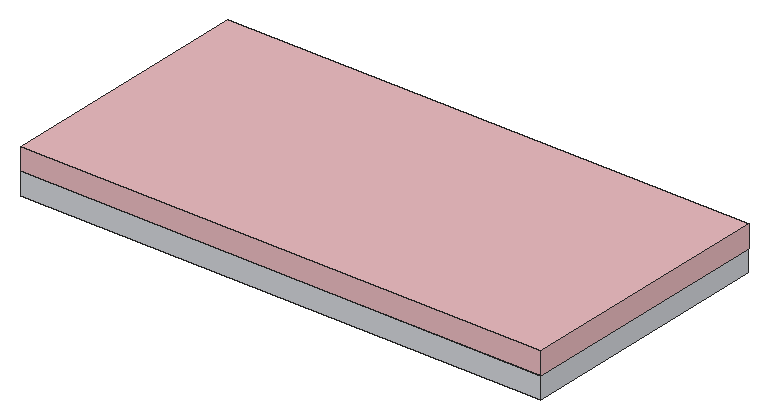
Revit family "Ceiling Tiles - Tegular and Square", category Specialty Equipment, Revit 2023
Family settings
  Round Connector Dimension = Use Diameter
  Part Type = Normal
  OmniClass Number = 23.35.00.00
  OmniClass Title = Covering, Cladding, and Finishes
  Work Plane-Based = Yes
  Enable Cutting in Views = Yes
  Always vertical = No
  Cut with Voids When Loaded = No
  Maintain Annotation Orientation = No
  Shared = No
  Room Calculation Point = No
Parameters (values of type "2" Square 2x4 Custom Painted With 2” CFAB Backer")
  ‍     1. Tegular = Edge Option = 1  # no
  ‍      3. Thickness 2" = Thickness Options = 3  # yes
  ‍      2. Thickness 1-3/8" = Thickness Options = 2  # no
  ‍      2. 2" CFAB Backer = Backer Options = 2  # yes
  ‍      1. Thickness 1" = Thickness Options = 1  # no
  ‍      1. 1" CFAB Backer = Backer Options = 1  # no
  ‍      0. Thickness 5/8" (only for Square edge) = Thickness Options = 0  # no
  ‍      0. SoundTex Backer = Backer Options = 0  # no
  URL = "https://www.acousticalsurfaces.com/envirocoustic-wood-wool/ceiling-tile-tegular/"
  Type Comments = "Acoustic Panels"
  Thickness Options = 3
  T = if(Thickness Options = 0, 0' 0 5/8", 0' 0") + if(Thickness Options = 1, 0' 1", 0' 0") + if(Thickness Options = 2, 0' 1 3/8", 0' 0") + if(Thickness Options = 3, 0' 2", 0' 0")  # 0' - 2"
  Recycled Content Percentage = "0%"
  Model = "Envirocoustic Wood Wool"
  Material = "Envirocoustic Wood Wool"
  Manufacturer = "Acoustical Surfaces, Inc."
  Fire Rating = "ASTM E84 - Class A"
  Finish = Paint - Acoustical-Surfaces - Custom Painted
  Edge Option = 2
  ‍     2. Square = Edge Option = 2  # yes
  Width = 1' - 11 3/4"
  Length = 3' - 11 3/4"
  Description = "Acoustic Panels"
  Default Elevation = 4' - 0"
  Backer Thickness = if(Backer Options = 0, 0' 0 1/16", 0' 0") + if(Backer Options = 1, 0' 1", 0' 0") + if(Backer Options = 2, 0' 2", 0' 0")  # 0' - 2"
  Backer Options = 2
  Backer = yes
  Assembly Code = "C30"
  Acoustics - NRC = "Sound absorption varies from NRC 0.45 to 0.95 based on installation method used when tested per ASTM C423."
  A = if(Backer, Backer Thickness, 0' 0")  # 0' - 2"
Types (168): name | ‍     1. Tegular | ‍      3. Thickness 2" | ‍      2. Thickness 1-3/8" | ‍      2. 2" CFAB Backer | ‍      1. Thickness 1" | ‍      1. 1" CFAB Backer | ‍      0. Thickness 5/8" (only for Square edge) | ‍      0. SoundTex Backer | Thickness Options | T | Finish | Edge Option | ‍     2. Square | Length | Backer Thickness | Backer Options | Backer | A
  2" Square 2x4 Custom Painted With 2” CFAB Backer | no | yes | no | yes | no | no | no | no | 3 | 0' - 2" | Paint - Acoustical-Surfaces - Custom Painted | 2 | yes | 3' - 11 3/4" | 0' - 2" | 2 | yes | 0' - 2"
  2" Square 2x2 Custom Painted With 2” CFAB Backer | no | yes | no | yes | no | no | no | no | 3 | 0' - 2" | Paint - Acoustical-Surfaces - Custom Painted | 2 | yes | 1' - 11 3/4" | 0' - 2" | 2 | yes | 0' - 2"
  2" Square 2x4 Custom Painted With 1” CFAB Backer | no | yes | no | no | no | yes | no | no | 3 | 0' - 2" | Paint - Acoustical-Surfaces - Custom Painted | 2 | yes | 3' - 11 3/4" | 0' - 1" | 1 | yes | 0' - 1"
  2" Square 2x2 Custom Painted With 1” CFAB Backer | no | yes | no | no | no | yes | no | no | 3 | 0' - 2" | Paint - Acoustical-Surfaces - Custom Painted | 2 | yes | 1' - 11 3/4" | 0' - 1" | 1 | yes | 0' - 1"
  2" Square 2x4 Custom Painted With Backer 1/16" | no | yes | no | no | no | no | no | yes | 3 | 0' - 2" | Paint - Acoustical-Surfaces - Custom Painted | 2 | yes | 3' - 11 3/4" | 0' - 0 1/16" | 0 | yes | 0' - 0 1/16"
  2" Square 2x2 Custom Painted With Backer 1/16" | no | yes | no | no | no | no | no | yes | 3 | 0' - 2" | Paint - Acoustical-Surfaces - Custom Painted | 2 | yes | 1' - 11 3/4" | 0' - 0 1/16" | 0 | yes | 0' - 0 1/16"
  2" Square 2x4 Custom Painted | no | yes | no | no | no | no | no | yes | 3 | 0' - 2" | Paint - Acoustical-Surfaces - Custom Painted | 2 | yes | 3' - 11 3/4" | 0' - 0 1/16" | 0 | no | 0' - 0"
  2" Square 2x2 Custom Painted | no | yes | no | no | no | no | no | yes | 3 | 0' - 2" | Paint - Acoustical-Surfaces - Custom Painted | 2 | yes | 1' - 11 3/4" | 0' - 0 1/16" | 0 | no | 0' - 0"
  2" Square 2x4 Primed White With 2” CFAB Backer | no | yes | no | yes | no | no | no | no | 3 | 0' - 2" | Paint - Acoustical-Surfaces - Primed White | 2 | yes | 3' - 11 3/4" | 0' - 2" | 2 | yes | 0' - 2"
  2" Square 2x2 Primed White With 2” CFAB Backer | no | yes | no | yes | no | no | no | no | 3 | 0' - 2" | Paint - Acoustical-Surfaces - Primed White | 2 | yes | 1' - 11 3/4" | 0' - 2" | 2 | yes | 0' - 2"
  2" Square 2x4 Primed White With 1” CFAB Backer | no | yes | no | no | no | yes | no | no | 3 | 0' - 2" | Paint - Acoustical-Surfaces - Primed White | 2 | yes | 3' - 11 3/4" | 0' - 1" | 1 | yes | 0' - 1"
  2" Square 2x2 Primed White With 1” CFAB Backer | no | yes | no | no | no | yes | no | no | 3 | 0' - 2" | Paint - Acoustical-Surfaces - Primed White | 2 | yes | 1' - 11 3/4" | 0' - 1" | 1 | yes | 0' - 1"
  2" Square 2x4 Primed White With Backer 1/16" | no | yes | no | no | no | no | no | yes | 3 | 0' - 2" | Paint - Acoustical-Surfaces - Primed White | 2 | yes | 3' - 11 3/4" | 0' - 0 1/16" | 0 | yes | 0' - 0 1/16"
  2" Square 2x2 Primed White With Backer 1/16" | no | yes | no | no | no | no | no | yes | 3 | 0' - 2" | Paint - Acoustical-Surfaces - Primed White | 2 | yes | 1' - 11 3/4" | 0' - 0 1/16" | 0 | yes | 0' - 0 1/16"
  2" Square 2x4 Primed White | no | yes | no | no | no | no | no | yes | 3 | 0' - 2" | Paint - Acoustical-Surfaces - Primed White | 2 | yes | 3' - 11 3/4" | 0' - 0 1/16" | 0 | no | 0' - 0"
  2" Square 2x2 Primed White | no | yes | no | no | no | no | no | yes | 3 | 0' - 2" | Paint - Acoustical-Surfaces - Primed White | 2 | yes | 1' - 11 3/4" | 0' - 0 1/16" | 0 | no | 0' - 0"
  2" Square 2x4 Primed Clear With 2” CFAB Backer | no | yes | no | yes | no | no | no | no | 3 | 0' - 2" | Paint - Acoustical-Surfaces - Primed Clear | 2 | yes | 3' - 11 3/4" | 0' - 2" | 2 | yes | 0' - 2"
  2" Square 2x2 Primed Clear With 2” CFAB Backer | no | yes | no | yes | no | no | no | no | 3 | 0' - 2" | Paint - Acoustical-Surfaces - Primed Clear | 2 | yes | 1' - 11 3/4" | 0' - 2" | 2 | yes | 0' - 2"
  2" Square 2x4 Primed Clear With 1” CFAB Backer | no | yes | no | no | no | yes | no | no | 3 | 0' - 2" | Paint - Acoustical-Surfaces - Primed Clear | 2 | yes | 3' - 11 3/4" | 0' - 1" | 1 | yes | 0' - 1"
  2" Square 2x2 Primed Clear With 1” CFAB Backer | no | yes | no | no | no | yes | no | no | 3 | 0' - 2" | Paint - Acoustical-Surfaces - Primed Clear | 2 | yes | 1' - 11 3/4" | 0' - 1" | 1 | yes | 0' - 1"
  2" Square 2x4 Primed Clear With Backer 1/16" | no | yes | no | no | no | no | no | yes | 3 | 0' - 2" | Paint - Acoustical-Surfaces - Primed Clear | 2 | yes | 3' - 11 3/4" | 0' - 0 1/16" | 0 | yes | 0' - 0 1/16"
  2" Square 2x2 Primed Clear With Backer 1/16" | no | yes | no | no | no | no | no | yes | 3 | 0' - 2" | Paint - Acoustical-Surfaces - Primed Clear | 2 | yes | 1' - 11 3/4" | 0' - 0 1/16" | 0 | yes | 0' - 0 1/16"
  2" Square 2x4 Primed Clear | no | yes | no | no | no | no | no | yes | 3 | 0' - 2" | Paint - Acoustical-Surfaces - Primed Clear | 2 | yes | 3' - 11 3/4" | 0' - 0 1/16" | 0 | no | 0' - 0"
  2" Square 2x2 Primed Clear | no | yes | no | no | no | no | no | yes | 3 | 0' - 2" | Paint - Acoustical-Surfaces - Primed Clear | 2 | yes | 1' - 11 3/4" | 0' - 0 1/16" | 0 | no | 0' - 0"
  1-3/8" Square 2x4 Custom Painted With 2” CFAB Backer | no | no | yes | yes | no | no | no | no | 2 | 0' - 1 3/8" | Paint - Acoustical-Surfaces - Custom Painted | 2 | yes | 3' - 11 3/4" | 0' - 2" | 2 | yes | 0' - 2"
  1-3/8" Square 2x2 Custom Painted With 2” CFAB Backer | no | no | yes | yes | no | no | no | no | 2 | 0' - 1 3/8" | Paint - Acoustical-Surfaces - Custom Painted | 2 | yes | 1' - 11 3/4" | 0' - 2" | 2 | yes | 0' - 2"
  1-3/8" Square 2x4 Custom Painted With 1” CFAB Backer | no | no | yes | no | no | yes | no | no | 2 | 0' - 1 3/8" | Paint - Acoustical-Surfaces - Custom Painted | 2 | yes | 3' - 11 3/4" | 0' - 1" | 1 | yes | 0' - 1"
  1-3/8" Square 2x2 Custom Painted With 1” CFAB Backer | no | no | yes | no | no | yes | no | no | 2 | 0' - 1 3/8" | Paint - Acoustical-Surfaces - Custom Painted | 2 | yes | 1' - 11 3/4" | 0' - 1" | 1 | yes | 0' - 1"
  1-3/8" Square 2x4 Custom Painted With Backer 1/16" | no | no | yes | no | no | no | no | yes | 2 | 0' - 1 3/8" | Paint - Acoustical-Surfaces - Custom Painted | 2 | yes | 3' - 11 3/4" | 0' - 0 1/16" | 0 | yes | 0' - 0 1/16"
  1-3/8" Square 2x2 Custom Painted With Backer 1/16" | no | no | yes | no | no | no | no | yes | 2 | 0' - 1 3/8" | Paint - Acoustical-Surfaces - Custom Painted | 2 | yes | 1' - 11 3/4" | 0' - 0 1/16" | 0 | yes | 0' - 0 1/16"
  1-3/8" Square 2x4 Custom Painted | no | no | yes | no | no | no | no | yes | 2 | 0' - 1 3/8" | Paint - Acoustical-Surfaces - Custom Painted | 2 | yes | 3' - 11 3/4" | 0' - 0 1/16" | 0 | no | 0' - 0"
  1-3/8" Square 2x2 Custom Painted | no | no | yes | no | no | no | no | yes | 2 | 0' - 1 3/8" | Paint - Acoustical-Surfaces - Custom Painted | 2 | yes | 1' - 11 3/4" | 0' - 0 1/16" | 0 | no | 0' - 0"
  1-3/8" Square 2x4 Primed White With 2” CFAB Backer | no | no | yes | yes | no | no | no | no | 2 | 0' - 1 3/8" | Paint - Acoustical-Surfaces - Primed White | 2 | yes | 3' - 11 3/4" | 0' - 2" | 2 | yes | 0' - 2"
  1-3/8" Square 2x2 Primed White With 2” CFAB Backer | no | no | yes | yes | no | no | no | no | 2 | 0' - 1 3/8" | Paint - Acoustical-Surfaces - Primed White | 2 | yes | 1' - 11 3/4" | 0' - 2" | 2 | yes | 0' - 2"
  1-3/8" Square 2x4 Primed White With 1” CFAB Backer | no | no | yes | no | no | yes | no | no | 2 | 0' - 1 3/8" | Paint - Acoustical-Surfaces - Primed White | 2 | yes | 3' - 11 3/4" | 0' - 1" | 1 | yes | 0' - 1"
  1-3/8" Square 2x2 Primed White With 1” CFAB Backer | no | no | yes | no | no | yes | no | no | 2 | 0' - 1 3/8" | Paint - Acoustical-Surfaces - Primed White | 2 | yes | 1' - 11 3/4" | 0' - 1" | 1 | yes | 0' - 1"
  1-3/8" Square 2x4 Primed White With Backer 1/16" | no | no | yes | no | no | no | no | yes | 2 | 0' - 1 3/8" | Paint - Acoustical-Surfaces - Primed White | 2 | yes | 3' - 11 3/4" | 0' - 0 1/16" | 0 | yes | 0' - 0 1/16"
  1-3/8" Square 2x2 Primed White With Backer 1/16" | no | no | yes | no | no | no | no | yes | 2 | 0' - 1 3/8" | Paint - Acoustical-Surfaces - Primed White | 2 | yes | 1' - 11 3/4" | 0' - 0 1/16" | 0 | yes | 0' - 0 1/16"
  1-3/8" Square 2x4 Primed White | no | no | yes | no | no | no | no | yes | 2 | 0' - 1 3/8" | Paint - Acoustical-Surfaces - Primed White | 2 | yes | 3' - 11 3/4" | 0' - 0 1/16" | 0 | no | 0' - 0"
  1-3/8" Square 2x2 Primed White | no | no | yes | no | no | no | no | yes | 2 | 0' - 1 3/8" | Paint - Acoustical-Surfaces - Primed White | 2 | yes | 1' - 11 3/4" | 0' - 0 1/16" | 0 | no | 0' - 0"
  1-3/8" Square 2x4 Primed Clear With 2” CFAB Backer | no | no | yes | yes | no | no | no | no | 2 | 0' - 1 3/8" | Paint - Acoustical-Surfaces - Primed Clear | 2 | yes | 3' - 11 3/4" | 0' - 2" | 2 | yes | 0' - 2"
  1-3/8" Square 2x2 Primed Clear With 2” CFAB Backer | no | no | yes | yes | no | no | no | no | 2 | 0' - 1 3/8" | Paint - Acoustical-Surfaces - Primed Clear | 2 | yes | 1' - 11 3/4" | 0' - 2" | 2 | yes | 0' - 2"
  1-3/8" Square 2x4 Primed Clear With 1” CFAB Backer | no | no | yes | no | no | yes | no | no | 2 | 0' - 1 3/8" | Paint - Acoustical-Surfaces - Primed Clear | 2 | yes | 3' - 11 3/4" | 0' - 1" | 1 | yes | 0' - 1"
  1-3/8" Square 2x2 Primed Clear With 1” CFAB Backer | no | no | yes | no | no | yes | no | no | 2 | 0' - 1 3/8" | Paint - Acoustical-Surfaces - Primed Clear | 2 | yes | 1' - 11 3/4" | 0' - 1" | 1 | yes | 0' - 1"
  1-3/8" Square 2x4 Primed Clear With Backer 1/16" | no | no | yes | no | no | no | no | yes | 2 | 0' - 1 3/8" | Paint - Acoustical-Surfaces - Primed Clear | 2 | yes | 3' - 11 3/4" | 0' - 0 1/16" | 0 | yes | 0' - 0 1/16"
  1-3/8" Square 2x2 Primed Clear With Backer 1/16" | no | no | yes | no | no | no | no | yes | 2 | 0' - 1 3/8" | Paint - Acoustical-Surfaces - Primed Clear | 2 | yes | 1' - 11 3/4" | 0' - 0 1/16" | 0 | yes | 0' - 0 1/16"
  1-3/8" Square 2x4 Primed Clear | no | no | yes | no | no | no | no | yes | 2 | 0' - 1 3/8" | Paint - Acoustical-Surfaces - Primed Clear | 2 | yes | 3' - 11 3/4" | 0' - 0 1/16" | 0 | no | 0' - 0"
  1-3/8" Square 2x2 Primed Clear | no | no | yes | no | no | no | no | yes | 2 | 0' - 1 3/8" | Paint - Acoustical-Surfaces - Primed Clear | 2 | yes | 1' - 11 3/4" | 0' - 0 1/16" | 0 | no | 0' - 0"
  1" Square 2x4 Custom Painted With 2” CFAB Backer | no | no | no | yes | yes | no | no | no | 1 | 0' - 1" | Paint - Acoustical-Surfaces - Custom Painted | 2 | yes | 3' - 11 3/4" | 0' - 2" | 2 | yes | 0' - 2"
  1" Square 2x2 Custom Painted With 2” CFAB Backer | no | no | no | yes | yes | no | no | no | 1 | 0' - 1" | Paint - Acoustical-Surfaces - Custom Painted | 2 | yes | 1' - 11 3/4" | 0' - 2" | 2 | yes | 0' - 2"
  1" Square 2x4 Custom Painted With 1” CFAB Backer | no | no | no | no | yes | yes | no | no | 1 | 0' - 1" | Paint - Acoustical-Surfaces - Custom Painted | 2 | yes | 3' - 11 3/4" | 0' - 1" | 1 | yes | 0' - 1"
  1" Square 2x2 Custom Painted With 1” CFAB Backer | no | no | no | no | yes | yes | no | no | 1 | 0' - 1" | Paint - Acoustical-Surfaces - Custom Painted | 2 | yes | 1' - 11 3/4" | 0' - 1" | 1 | yes | 0' - 1"
  1" Square 2x4 Custom Painted With Backer 1/16" | no | no | no | no | yes | no | no | yes | 1 | 0' - 1" | Paint - Acoustical-Surfaces - Custom Painted | 2 | yes | 3' - 11 3/4" | 0' - 0 1/16" | 0 | yes | 0' - 0 1/16"
  1" Square 2x2 Custom Painted With Backer 1/16" | no | no | no | no | yes | no | no | yes | 1 | 0' - 1" | Paint - Acoustical-Surfaces - Custom Painted | 2 | yes | 1' - 11 3/4" | 0' - 0 1/16" | 0 | yes | 0' - 0 1/16"
  1" Square 2x4 Custom Painted | no | no | no | no | yes | no | no | yes | 1 | 0' - 1" | Paint - Acoustical-Surfaces - Custom Painted | 2 | yes | 3' - 11 3/4" | 0' - 0 1/16" | 0 | no | 0' - 0"
  1" Square 2x2 Custom Painted | no | no | no | no | yes | no | no | yes | 1 | 0' - 1" | Paint - Acoustical-Surfaces - Custom Painted | 2 | yes | 1' - 11 3/4" | 0' - 0 1/16" | 0 | no | 0' - 0"
  1" Square 2x4 Primed White With 2” CFAB Backer | no | no | no | yes | yes | no | no | no | 1 | 0' - 1" | Paint - Acoustical-Surfaces - Primed White | 2 | yes | 3' - 11 3/4" | 0' - 2" | 2 | yes | 0' - 2"
  1" Square 2x2 Primed White With 2” CFAB Backer | no | no | no | yes | yes | no | no | no | 1 | 0' - 1" | Paint - Acoustical-Surfaces - Primed White | 2 | yes | 1' - 11 3/4" | 0' - 2" | 2 | yes | 0' - 2"
  1" Square 2x4 Primed White With 1” CFAB Backer | no | no | no | no | yes | yes | no | no | 1 | 0' - 1" | Paint - Acoustical-Surfaces - Primed White | 2 | yes | 3' - 11 3/4" | 0' - 1" | 1 | yes | 0' - 1"
  1" Square 2x2 Primed White With 1” CFAB Backer | no | no | no | no | yes | yes | no | no | 1 | 0' - 1" | Paint - Acoustical-Surfaces - Primed White | 2 | yes | 1' - 11 3/4" | 0' - 1" | 1 | yes | 0' - 1"
  1" Square 2x4 Primed White With Backer 1/16" | no | no | no | no | yes | no | no | yes | 1 | 0' - 1" | Paint - Acoustical-Surfaces - Primed White | 2 | yes | 3' - 11 3/4" | 0' - 0 1/16" | 0 | yes | 0' - 0 1/16"
  1" Square 2x2 Primed White With Backer 1/16" | no | no | no | no | yes | no | no | yes | 1 | 0' - 1" | Paint - Acoustical-Surfaces - Primed White | 2 | yes | 1' - 11 3/4" | 0' - 0 1/16" | 0 | yes | 0' - 0 1/16"
  1" Square 2x4 Primed White | no | no | no | no | yes | no | no | yes | 1 | 0' - 1" | Paint - Acoustical-Surfaces - Primed White | 2 | yes | 3' - 11 3/4" | 0' - 0 1/16" | 0 | no | 0' - 0"
  1" Square 2x2 Primed White | no | no | no | no | yes | no | no | yes | 1 | 0' - 1" | Paint - Acoustical-Surfaces - Primed White | 2 | yes | 1' - 11 3/4" | 0' - 0 1/16" | 0 | no | 0' - 0"
  1" Square 2x4 Primed Clear With 2” CFAB Backer | no | no | no | yes | yes | no | no | no | 1 | 0' - 1" | Paint - Acoustical-Surfaces - Primed Clear | 2 | yes | 3' - 11 3/4" | 0' - 2" | 2 | yes | 0' - 2"
  1" Square 2x2 Primed Clear With 2” CFAB Backer | no | no | no | yes | yes | no | no | no | 1 | 0' - 1" | Paint - Acoustical-Surfaces - Primed Clear | 2 | yes | 1' - 11 3/4" | 0' - 2" | 2 | yes | 0' - 2"
  1" Square 2x4 Primed Clear With 1” CFAB Backer | no | no | no | no | yes | yes | no | no | 1 | 0' - 1" | Paint - Acoustical-Surfaces - Primed Clear | 2 | yes | 3' - 11 3/4" | 0' - 1" | 1 | yes | 0' - 1"
  1" Square 2x2 Primed Clear With 1” CFAB Backer | no | no | no | no | yes | yes | no | no | 1 | 0' - 1" | Paint - Acoustical-Surfaces - Primed Clear | 2 | yes | 1' - 11 3/4" | 0' - 1" | 1 | yes | 0' - 1"
  1" Square 2x4 Primed Clear With Backer 1/16" | no | no | no | no | yes | no | no | yes | 1 | 0' - 1" | Paint - Acoustical-Surfaces - Primed Clear | 2 | yes | 3' - 11 3/4" | 0' - 0 1/16" | 0 | yes | 0' - 0 1/16"
  1" Square 2x2 Primed Clear With Backer 1/16" | no | no | no | no | yes | no | no | yes | 1 | 0' - 1" | Paint - Acoustical-Surfaces - Primed Clear | 2 | yes | 1' - 11 3/4" | 0' - 0 1/16" | 0 | yes | 0' - 0 1/16"
  1" Square 2x4 Primed Clear | no | no | no | no | yes | no | no | yes | 1 | 0' - 1" | Paint - Acoustical-Surfaces - Primed Clear | 2 | yes | 3' - 11 3/4" | 0' - 0 1/16" | 0 | no | 0' - 0"
  1" Square 2x2 Primed Clear | no | no | no | no | yes | no | no | yes | 1 | 0' - 1" | Paint - Acoustical-Surfaces - Primed Clear | 2 | yes | 1' - 11 3/4" | 0' - 0 1/16" | 0 | no | 0' - 0"
  2" Tegular 2x4 Custom Painted With 2” CFAB Backer | yes | yes | no | yes | no | no | no | no | 3 | 0' - 2" | Paint - Acoustical-Surfaces - Custom Painted | 1 | no | 3' - 11 3/4" | 0' - 2" | 2 | yes | 0' - 2"
  2" Tegular 2x2 Custom Painted With 2” CFAB Backer | yes | yes | no | yes | no | no | no | no | 3 | 0' - 2" | Paint - Acoustical-Surfaces - Custom Painted | 1 | no | 1' - 11 3/4" | 0' - 2" | 2 | yes | 0' - 2"
  2" Tegular 2x4 Custom Painted With 1” CFAB Backer | yes | yes | no | no | no | yes | no | no | 3 | 0' - 2" | Paint - Acoustical-Surfaces - Custom Painted | 1 | no | 3' - 11 3/4" | 0' - 1" | 1 | yes | 0' - 1"
  2" Tegular 2x2 Custom Painted With 1” CFAB Backer | yes | yes | no | no | no | yes | no | no | 3 | 0' - 2" | Paint - Acoustical-Surfaces - Custom Painted | 1 | no | 1' - 11 3/4" | 0' - 1" | 1 | yes | 0' - 1"
  2" Tegular 2x4 Custom Painted With Backer 1/16" | yes | yes | no | no | no | no | no | yes | 3 | 0' - 2" | Paint - Acoustical-Surfaces - Custom Painted | 1 | no | 3' - 11 3/4" | 0' - 0 1/16" | 0 | yes | 0' - 0 1/16"
  2" Tegular 2x2 Custom Painted With Backer 1/16" | yes | yes | no | no | no | no | no | yes | 3 | 0' - 2" | Paint - Acoustical-Surfaces - Custom Painted | 1 | no | 1' - 11 3/4" | 0' - 0 1/16" | 0 | yes | 0' - 0 1/16"
  2" Tegular 2x4 Custom Painted | yes | yes | no | no | no | no | no | yes | 3 | 0' - 2" | Paint - Acoustical-Surfaces - Custom Painted | 1 | no | 3' - 11 3/4" | 0' - 0 1/16" | 0 | no | 0' - 0"
  2" Tegular 2x2 Custom Painted | yes | yes | no | no | no | no | no | yes | 3 | 0' - 2" | Paint - Acoustical-Surfaces - Custom Painted | 1 | no | 1' - 11 3/4" | 0' - 0 1/16" | 0 | no | 0' - 0"
  2" Tegular 2x4 Primed White With 2” CFAB Backer | yes | yes | no | yes | no | no | no | no | 3 | 0' - 2" | Paint - Acoustical-Surfaces - Primed White | 1 | no | 3' - 11 3/4" | 0' - 2" | 2 | yes | 0' - 2"
  2" Tegular 2x2 Primed White With 2” CFAB Backer | yes | yes | no | yes | no | no | no | no | 3 | 0' - 2" | Paint - Acoustical-Surfaces - Primed White | 1 | no | 1' - 11 3/4" | 0' - 2" | 2 | yes | 0' - 2"
  2" Tegular 2x4 Primed White With 1” CFAB Backer | yes | yes | no | no | no | yes | no | no | 3 | 0' - 2" | Paint - Acoustical-Surfaces - Primed White | 1 | no | 3' - 11 3/4" | 0' - 1" | 1 | yes | 0' - 1"
  2" Tegular 2x2 Primed White With 1” CFAB Backer | yes | yes | no | no | no | yes | no | no | 3 | 0' - 2" | Paint - Acoustical-Surfaces - Primed White | 1 | no | 1' - 11 3/4" | 0' - 1" | 1 | yes | 0' - 1"
  2" Tegular 2x4 Primed White With Backer 1/16" | yes | yes | no | no | no | no | no | yes | 3 | 0' - 2" | Paint - Acoustical-Surfaces - Primed White | 1 | no | 3' - 11 3/4" | 0' - 0 1/16" | 0 | yes | 0' - 0 1/16"
  2" Tegular 2x2 Primed White With Backer 1/16" | yes | yes | no | no | no | no | no | yes | 3 | 0' - 2" | Paint - Acoustical-Surfaces - Primed White | 1 | no | 1' - 11 3/4" | 0' - 0 1/16" | 0 | yes | 0' - 0 1/16"
  2" Tegular 2x4 Primed White | yes | yes | no | no | no | no | no | yes | 3 | 0' - 2" | Paint - Acoustical-Surfaces - Primed White | 1 | no | 3' - 11 3/4" | 0' - 0 1/16" | 0 | no | 0' - 0"
  2" Tegular 2x2 Primed White | yes | yes | no | no | no | no | no | yes | 3 | 0' - 2" | Paint - Acoustical-Surfaces - Primed White | 1 | no | 1' - 11 3/4" | 0' - 0 1/16" | 0 | no | 0' - 0"
  2" Tegular 2x4 Primed Clear With 2” CFAB Backer | yes | yes | no | yes | no | no | no | no | 3 | 0' - 2" | Paint - Acoustical-Surfaces - Primed Clear | 1 | no | 3' - 11 3/4" | 0' - 2" | 2 | yes | 0' - 2"
  2" Tegular 2x2 Primed Clear With 2” CFAB Backer | yes | yes | no | yes | no | no | no | no | 3 | 0' - 2" | Paint - Acoustical-Surfaces - Primed Clear | 1 | no | 1' - 11 3/4" | 0' - 2" | 2 | yes | 0' - 2"
  2" Tegular 2x4 Primed Clear With 1” CFAB Backer | yes | yes | no | no | no | yes | no | no | 3 | 0' - 2" | Paint - Acoustical-Surfaces - Primed Clear | 1 | no | 3' - 11 3/4" | 0' - 1" | 1 | yes | 0' - 1"
  2" Tegular 2x2 Primed Clear With 1” CFAB Backer | yes | yes | no | no | no | yes | no | no | 3 | 0' - 2" | Paint - Acoustical-Surfaces - Primed Clear | 1 | no | 1' - 11 3/4" | 0' - 1" | 1 | yes | 0' - 1"
  2" Tegular 2x4 Primed Clear With Backer 1/16" | yes | yes | no | no | no | no | no | yes | 3 | 0' - 2" | Paint - Acoustical-Surfaces - Primed Clear | 1 | no | 3' - 11 3/4" | 0' - 0 1/16" | 0 | yes | 0' - 0 1/16"
  2" Tegular 2x2 Primed Clear With Backer 1/16" | yes | yes | no | no | no | no | no | yes | 3 | 0' - 2" | Paint - Acoustical-Surfaces - Primed Clear | 1 | no | 1' - 11 3/4" | 0' - 0 1/16" | 0 | yes | 0' - 0 1/16"
  2" Tegular 2x4 Primed Clear | yes | yes | no | no | no | no | no | yes | 3 | 0' - 2" | Paint - Acoustical-Surfaces - Primed Clear | 1 | no | 3' - 11 3/4" | 0' - 0 1/16" | 0 | no | 0' - 0"
  2" Tegular 2x2 Primed Clear | yes | yes | no | no | no | no | no | yes | 3 | 0' - 2" | Paint - Acoustical-Surfaces - Primed Clear | 1 | no | 1' - 11 3/4" | 0' - 0 1/16" | 0 | no | 0' - 0"
  1-3/8" Tegular 2x4 Custom Painted With 2” CFAB Backer | yes | no | yes | yes | no | no | no | no | 2 | 0' - 1 3/8" | Paint - Acoustical-Surfaces - Custom Painted | 1 | no | 3' - 11 3/4" | 0' - 2" | 2 | yes | 0' - 2"
  1-3/8" Tegular 2x2 Custom Painted With 2” CFAB Backer | yes | no | yes | yes | no | no | no | no | 2 | 0' - 1 3/8" | Paint - Acoustical-Surfaces - Custom Painted | 1 | no | 1' - 11 3/4" | 0' - 2" | 2 | yes | 0' - 2"
  1-3/8" Tegular 2x4 Custom Painted With 1” CFAB Backer | yes | no | yes | no | no | yes | no | no | 2 | 0' - 1 3/8" | Paint - Acoustical-Surfaces - Custom Painted | 1 | no | 3' - 11 3/4" | 0' - 1" | 1 | yes | 0' - 1"
  1-3/8" Tegular 2x2 Custom Painted With 1” CFAB Backer | yes | no | yes | no | no | yes | no | no | 2 | 0' - 1 3/8" | Paint - Acoustical-Surfaces - Custom Painted | 1 | no | 1' - 11 3/4" | 0' - 1" | 1 | yes | 0' - 1"
  1-3/8" Tegular 2x4 Custom Painted With Backer 1/16" | yes | no | yes | no | no | no | no | yes | 2 | 0' - 1 3/8" | Paint - Acoustical-Surfaces - Custom Painted | 1 | no | 3' - 11 3/4" | 0' - 0 1/16" | 0 | yes | 0' - 0 1/16"
  1-3/8" Tegular 2x2 Custom Painted With Backer 1/16" | yes | no | yes | no | no | no | no | yes | 2 | 0' - 1 3/8" | Paint - Acoustical-Surfaces - Custom Painted | 1 | no | 1' - 11 3/4" | 0' - 0 1/16" | 0 | yes | 0' - 0 1/16"
  1-3/8" Tegular 2x4 Custom Painted | yes | no | yes | no | no | no | no | yes | 2 | 0' - 1 3/8" | Paint - Acoustical-Surfaces - Custom Painted | 1 | no | 3' - 11 3/4" | 0' - 0 1/16" | 0 | no | 0' - 0"
  1-3/8" Tegular 2x2 Custom Painted | yes | no | yes | no | no | no | no | yes | 2 | 0' - 1 3/8" | Paint - Acoustical-Surfaces - Custom Painted | 1 | no | 1' - 11 3/4" | 0' - 0 1/16" | 0 | no | 0' - 0"
  1-3/8" Tegular 2x4 Primed White With 2” CFAB Backer | yes | no | yes | yes | no | no | no | no | 2 | 0' - 1 3/8" | Paint - Acoustical-Surfaces - Primed White | 1 | no | 3' - 11 3/4" | 0' - 2" | 2 | yes | 0' - 2"
  1-3/8" Tegular 2x2 Primed White With 2” CFAB Backer | yes | no | yes | yes | no | no | no | no | 2 | 0' - 1 3/8" | Paint - Acoustical-Surfaces - Primed White | 1 | no | 1' - 11 3/4" | 0' - 2" | 2 | yes | 0' - 2"
  1-3/8" Tegular 2x4 Primed White With 1” CFAB Backer | yes | no | yes | no | no | yes | no | no | 2 | 0' - 1 3/8" | Paint - Acoustical-Surfaces - Primed White | 1 | no | 3' - 11 3/4" | 0' - 1" | 1 | yes | 0' - 1"
  1-3/8" Tegular 2x2 Primed White With 1” CFAB Backer | yes | no | yes | no | no | yes | no | no | 2 | 0' - 1 3/8" | Paint - Acoustical-Surfaces - Primed White | 1 | no | 1' - 11 3/4" | 0' - 1" | 1 | yes | 0' - 1"
  1-3/8" Tegular 2x4 Primed White With Backer 1/16" | yes | no | yes | no | no | no | no | yes | 2 | 0' - 1 3/8" | Paint - Acoustical-Surfaces - Primed White | 1 | no | 3' - 11 3/4" | 0' - 0 1/16" | 0 | yes | 0' - 0 1/16"
  1-3/8" Tegular 2x2 Primed White With Backer 1/16" | yes | no | yes | no | no | no | no | yes | 2 | 0' - 1 3/8" | Paint - Acoustical-Surfaces - Primed White | 1 | no | 1' - 11 3/4" | 0' - 0 1/16" | 0 | yes | 0' - 0 1/16"
  1-3/8" Tegular 2x4 Primed White | yes | no | yes | no | no | no | no | yes | 2 | 0' - 1 3/8" | Paint - Acoustical-Surfaces - Primed White | 1 | no | 3' - 11 3/4" | 0' - 0 1/16" | 0 | no | 0' - 0"
  1-3/8" Tegular 2x2 Primed White | yes | no | yes | no | no | no | no | yes | 2 | 0' - 1 3/8" | Paint - Acoustical-Surfaces - Primed White | 1 | no | 1' - 11 3/4" | 0' - 0 1/16" | 0 | no | 0' - 0"
  1-3/8" Tegular 2x4 Primed Clear With 2” CFAB Backer | yes | no | yes | yes | no | no | no | no | 2 | 0' - 1 3/8" | Paint - Acoustical-Surfaces - Primed Clear | 1 | no | 3' - 11 3/4" | 0' - 2" | 2 | yes | 0' - 2"
  1-3/8" Tegular 2x2 Primed Clear With 2” CFAB Backer | yes | no | yes | yes | no | no | no | no | 2 | 0' - 1 3/8" | Paint - Acoustical-Surfaces - Primed Clear | 1 | no | 1' - 11 3/4" | 0' - 2" | 2 | yes | 0' - 2"
  1-3/8" Tegular 2x4 Primed Clear With 1” CFAB Backer | yes | no | yes | no | no | yes | no | no | 2 | 0' - 1 3/8" | Paint - Acoustical-Surfaces - Primed Clear | 1 | no | 3' - 11 3/4" | 0' - 1" | 1 | yes | 0' - 1"
  1-3/8" Tegular 2x2 Primed Clear With 1” CFAB Backer | yes | no | yes | no | no | yes | no | no | 2 | 0' - 1 3/8" | Paint - Acoustical-Surfaces - Primed Clear | 1 | no | 1' - 11 3/4" | 0' - 1" | 1 | yes | 0' - 1"
  1-3/8" Tegular 2x4 Primed Clear With Backer 1/16" | yes | no | yes | no | no | no | no | yes | 2 | 0' - 1 3/8" | Paint - Acoustical-Surfaces - Primed Clear | 1 | no | 3' - 11 3/4" | 0' - 0 1/16" | 0 | yes | 0' - 0 1/16"
  1-3/8" Tegular 2x2 Primed Clear With Backer 1/16" | yes | no | yes | no | no | no | no | yes | 2 | 0' - 1 3/8" | Paint - Acoustical-Surfaces - Primed Clear | 1 | no | 1' - 11 3/4" | 0' - 0 1/16" | 0 | yes | 0' - 0 1/16"
  1-3/8" Tegular 2x4 Primed Clear | yes | no | yes | no | no | no | no | yes | 2 | 0' - 1 3/8" | Paint - Acoustical-Surfaces - Primed Clear | 1 | no | 3' - 11 3/4" | 0' - 0 1/16" | 0 | no | 0' - 0"
  1-3/8" Tegular 2x2 Primed Clear | yes | no | yes | no | no | no | no | yes | 2 | 0' - 1 3/8" | Paint - Acoustical-Surfaces - Primed Clear | 1 | no | 1' - 11 3/4" | 0' - 0 1/16" | 0 | no | 0' - 0"
  5/8" Square 2x4 Custom Painted With 2” CFAB Backer | no | no | no | yes | no | no | yes | no | 0 | 0' - 0 5/8" | Paint - Acoustical-Surfaces - Custom Painted | 2 | yes | 3' - 11 3/4" | 0' - 2" | 2 | yes | 0' - 2"
  5/8" Square 2x4 Primed White With 2” CFAB Backer | no | no | no | yes | no | no | yes | no | 0 | 0' - 0 5/8" | Paint - Acoustical-Surfaces - Primed White | 2 | yes | 3' - 11 3/4" | 0' - 2" | 2 | yes | 0' - 2"
  5/8" Square 2x4 Primed Clear With 2” CFAB Backer | no | no | no | yes | no | no | yes | no | 0 | 0' - 0 5/8" | Paint - Acoustical-Surfaces - Primed Clear | 2 | yes | 3' - 11 3/4" | 0' - 2" | 2 | yes | 0' - 2"
  1" Tegular 2x4 Custom Painted With 2” CFAB Backer | yes | no | no | yes | yes | no | no | no | 1 | 0' - 1" | Paint - Acoustical-Surfaces - Custom Painted | 1 | no | 3' - 11 3/4" | 0' - 2" | 2 | yes | 0' - 2"
  1" Tegular 2x4 Primed White With 2” CFAB Backer | yes | no | no | yes | yes | no | no | no | 1 | 0' - 1" | Paint - Acoustical-Surfaces - Primed White | 1 | no | 3' - 11 3/4" | 0' - 2" | 2 | yes | 0' - 2"
  1" Tegular 2x4 Primed Clear With 2” CFAB Backer | yes | no | no | yes | yes | no | no | no | 1 | 0' - 1" | Paint - Acoustical-Surfaces - Primed Clear | 1 | no | 3' - 11 3/4" | 0' - 2" | 2 | yes | 0' - 2"
  5/8" Square 2x2 Custom Painted With 2” CFAB Backer | no | no | no | yes | no | no | yes | no | 0 | 0' - 0 5/8" | Paint - Acoustical-Surfaces - Custom Painted | 2 | yes | 1' - 11 3/4" | 0' - 2" | 2 | yes | 0' - 2"
  5/8" Square 2x2 Primed White With 2” CFAB Backer | no | no | no | yes | no | no | yes | no | 0 | 0' - 0 5/8" | Paint - Acoustical-Surfaces - Primed White | 2 | yes | 1' - 11 3/4" | 0' - 2" | 2 | yes | 0' - 2"
  5/8" Square 2x2 Primed Clear With 2” CFAB Backer | no | no | no | yes | no | no | yes | no | 0 | 0' - 0 5/8" | Paint - Acoustical-Surfaces - Primed Clear | 2 | yes | 1' - 11 3/4" | 0' - 2" | 2 | yes | 0' - 2"
  1" Tegular 2x2 Custom Painted With 2” CFAB Backer | yes | no | no | yes | yes | no | no | no | 1 | 0' - 1" | Paint - Acoustical-Surfaces - Custom Painted | 1 | no | 1' - 11 3/4" | 0' - 2" | 2 | yes | 0' - 2"
  1" Tegular 2x2 Primed White With 2” CFAB Backer | yes | no | no | yes | yes | no | no | no | 1 | 0' - 1" | Paint - Acoustical-Surfaces - Primed White | 1 | no | 1' - 11 3/4" | 0' - 2" | 2 | yes | 0' - 2"
  1" Tegular 2x2 Primed Clear With 2” CFAB Backer | yes | no | no | yes | yes | no | no | no | 1 | 0' - 1" | Paint - Acoustical-Surfaces - Primed Clear | 1 | no | 1' - 11 3/4" | 0' - 2" | 2 | yes | 0' - 2"
  5/8" Square 2x4 Custom Painted With 1” CFAB Backer | no | no | no | no | no | yes | yes | no | 0 | 0' - 0 5/8" | Paint - Acoustical-Surfaces - Custom Painted | 2 | yes | 3' - 11 3/4" | 0' - 1" | 1 | yes | 0' - 1"
  5/8" Square 2x4 Primed White With 1” CFAB Backer | no | no | no | no | no | yes | yes | no | 0 | 0' - 0 5/8" | Paint - Acoustical-Surfaces - Primed White | 2 | yes | 3' - 11 3/4" | 0' - 1" | 1 | yes | 0' - 1"
  5/8" Square 2x4 Primed Clear With 1” CFAB Backer | no | no | no | no | no | yes | yes | no | 0 | 0' - 0 5/8" | Paint - Acoustical-Surfaces - Primed Clear | 2 | yes | 3' - 11 3/4" | 0' - 1" | 1 | yes | 0' - 1"
  1" Tegular 2x4 Custom Painted With 1” CFAB Backer | yes | no | no | no | yes | yes | no | no | 1 | 0' - 1" | Paint - Acoustical-Surfaces - Custom Painted | 1 | no | 3' - 11 3/4" | 0' - 1" | 1 | yes | 0' - 1"
  1" Tegular 2x4 Primed White With 1” CFAB Backer | yes | no | no | no | yes | yes | no | no | 1 | 0' - 1" | Paint - Acoustical-Surfaces - Primed White | 1 | no | 3' - 11 3/4" | 0' - 1" | 1 | yes | 0' - 1"
  1" Tegular 2x4 Primed Clear With 1” CFAB Backer | yes | no | no | no | yes | yes | no | no | 1 | 0' - 1" | Paint - Acoustical-Surfaces - Primed Clear | 1 | no | 3' - 11 3/4" | 0' - 1" | 1 | yes | 0' - 1"
  5/8" Square 2x2 Custom Painted With 1” CFAB Backer | no | no | no | no | no | yes | yes | no | 0 | 0' - 0 5/8" | Paint - Acoustical-Surfaces - Custom Painted | 2 | yes | 1' - 11 3/4" | 0' - 1" | 1 | yes | 0' - 1"
  5/8" Square 2x2 Primed White With 1” CFAB Backer | no | no | no | no | no | yes | yes | no | 0 | 0' - 0 5/8" | Paint - Acoustical-Surfaces - Primed White | 2 | yes | 1' - 11 3/4" | 0' - 1" | 1 | yes | 0' - 1"
  5/8" Square 2x2 Primed Clear With 1” CFAB Backer | no | no | no | no | no | yes | yes | no | 0 | 0' - 0 5/8" | Paint - Acoustical-Surfaces - Primed Clear | 2 | yes | 1' - 11 3/4" | 0' - 1" | 1 | yes | 0' - 1"
  1" Tegular 2x2 Custom Painted With 1” CFAB Backer | yes | no | no | no | yes | yes | no | no | 1 | 0' - 1" | Paint - Acoustical-Surfaces - Custom Painted | 1 | no | 1' - 11 3/4" | 0' - 1" | 1 | yes | 0' - 1"
  1" Tegular 2x2 Primed White With 1” CFAB Backer | yes | no | no | no | yes | yes | no | no | 1 | 0' - 1" | Paint - Acoustical-Surfaces - Primed White | 1 | no | 1' - 11 3/4" | 0' - 1" | 1 | yes | 0' - 1"
  1" Tegular 2x2 Primed Clear With 1” CFAB Backer | yes | no | no | no | yes | yes | no | no | 1 | 0' - 1" | Paint - Acoustical-Surfaces - Primed Clear | 1 | no | 1' - 11 3/4" | 0' - 1" | 1 | yes | 0' - 1"
  5/8" Square 2x4 Custom Painted | no | no | no | no | no | no | yes | yes | 0 | 0' - 0 5/8" | Paint - Acoustical-Surfaces - Custom Painted | 2 | yes | 3' - 11 3/4" | 0' - 0 1/16" | 0 | no | 0' - 0"
  5/8" Square 2x2 Custom Painted | no | no | no | no | no | no | yes | yes | 0 | 0' - 0 5/8" | Paint - Acoustical-Surfaces - Custom Painted | 2 | yes | 1' - 11 3/4" | 0' - 0 1/16" | 0 | no | 0' - 0"
  5/8" Square 2x4 Primed White | no | no | no | no | no | no | yes | yes | 0 | 0' - 0 5/8" | Paint - Acoustical-Surfaces - Primed White | 2 | yes | 3' - 11 3/4" | 0' - 0 1/16" | 0 | no | 0' - 0"
  5/8" Square 2x2 Primed White | no | no | no | no | no | no | yes | yes | 0 | 0' - 0 5/8" | Paint - Acoustical-Surfaces - Primed White | 2 | yes | 1' - 11 3/4" | 0' - 0 1/16" | 0 | no | 0' - 0"
  5/8" Square 2x4 Primed Clear | no | no | no | no | no | no | yes | yes | 0 | 0' - 0 5/8" | Paint - Acoustical-Surfaces - Primed Clear | 2 | yes | 3' - 11 3/4" | 0' - 0 1/16" | 0 | no | 0' - 0"
  5/8" Square 2x2 Primed Clear | no | no | no | no | no | no | yes | yes | 0 | 0' - 0 5/8" | Paint - Acoustical-Surfaces - Primed Clear | 2 | yes | 1' - 11 3/4" | 0' - 0 1/16" | 0 | no | 0' - 0"
  5/8" Square 2x4 Custom Painted With Backer 1/16" | no | no | no | no | no | no | yes | yes | 0 | 0' - 0 5/8" | Paint - Acoustical-Surfaces - Custom Painted | 2 | yes | 3' - 11 3/4" | 0' - 0 1/16" | 0 | yes | 0' - 0 1/16"
  5/8" Square 2x2 Custom Painted With Backer 1/16" | no | no | no | no | no | no | yes | yes | 0 | 0' - 0 5/8" | Paint - Acoustical-Surfaces - Custom Painted | 2 | yes | 1' - 11 3/4" | 0' - 0 1/16" | 0 | yes | 0' - 0 1/16"
  5/8" Square 2x4 Primed White With Backer 1/16" | no | no | no | no | no | no | yes | yes | 0 | 0' - 0 5/8" | Paint - Acoustical-Surfaces - Primed White | 2 | yes | 3' - 11 3/4" | 0' - 0 1/16" | 0 | yes | 0' - 0 1/16"
  5/8" Square 2x2 Primed White With Backer 1/16" | no | no | no | no | no | no | yes | yes | 0 | 0' - 0 5/8" | Paint - Acoustical-Surfaces - Primed White | 2 | yes | 1' - 11 3/4" | 0' - 0 1/16" | 0 | yes | 0' - 0 1/16"
  5/8" Square 2x4 Primed Clear With Backer 1/16" | no | no | no | no | no | no | yes | yes | 0 | 0' - 0 5/8" | Paint - Acoustical-Surfaces - Primed Clear | 2 | yes | 3' - 11 3/4" | 0' - 0 1/16" | 0 | yes | 0' - 0 1/16"
  5/8" Square 2x2 Primed Clear With Backer 1/16" | no | no | no | no | no | no | yes | yes | 0 | 0' - 0 5/8" | Paint - Acoustical-Surfaces - Primed Clear | 2 | yes | 1' - 11 3/4" | 0' - 0 1/16" | 0 | yes | 0' - 0 1/16"
  1" Tegular 2x4 Custom Painted | yes | no | no | no | yes | no | no | yes | 1 | 0' - 1" | Paint - Acoustical-Surfaces - Custom Painted | 1 | no | 3' - 11 3/4" | 0' - 0 1/16" | 0 | no | 0' - 0"
  1" Tegular 2x2 Custom Painted | yes | no | no | no | yes | no | no | yes | 1 | 0' - 1" | Paint - Acoustical-Surfaces - Custom Painted | 1 | no | 1' - 11 3/4" | 0' - 0 1/16" | 0 | no | 0' - 0"
  1" Tegular 2x4 Primed White | yes | no | no | no | yes | no | no | yes | 1 | 0' - 1" | Paint - Acoustical-Surfaces - Primed White | 1 | no | 3' - 11 3/4" | 0' - 0 1/16" | 0 | no | 0' - 0"
  1" Tegular 2x2 Primed White | yes | no | no | no | yes | no | no | yes | 1 | 0' - 1" | Paint - Acoustical-Surfaces - Primed White | 1 | no | 1' - 11 3/4" | 0' - 0 1/16" | 0 | no | 0' - 0"
  1" Tegular 2x4 Primed Clear | yes | no | no | no | yes | no | no | yes | 1 | 0' - 1" | Paint - Acoustical-Surfaces - Primed Clear | 1 | no | 3' - 11 3/4" | 0' - 0 1/16" | 0 | no | 0' - 0"
  1" Tegular 2x2 Primed Clear | yes | no | no | no | yes | no | no | yes | 1 | 0' - 1" | Paint - Acoustical-Surfaces - Primed Clear | 1 | no | 1' - 11 3/4" | 0' - 0 1/16" | 0 | no | 0' - 0"
  1" Tegular 2x4 Custom Painted With Backer 1/16" | yes | no | no | no | yes | no | no | yes | 1 | 0' - 1" | Paint - Acoustical-Surfaces - Custom Painted | 1 | no | 3' - 11 3/4" | 0' - 0 1/16" | 0 | yes | 0' - 0 1/16"
  1" Tegular 2x2 Custom Painted With Backer 1/16" | yes | no | no | no | yes | no | no | yes | 1 | 0' - 1" | Paint - Acoustical-Surfaces - Custom Painted | 1 | no | 1' - 11 3/4" | 0' - 0 1/16" | 0 | yes | 0' - 0 1/16"
  1" Tegular 2x4 Primed White With Backer 1/16" | yes | no | no | no | yes | no | no | yes | 1 | 0' - 1" | Paint - Acoustical-Surfaces - Primed White | 1 | no | 3' - 11 3/4" | 0' - 0 1/16" | 0 | yes | 0' - 0 1/16"
  1" Tegular 2x2 Primed White With Backer 1/16" | yes | no | no | no | yes | no | no | yes | 1 | 0' - 1" | Paint - Acoustical-Surfaces - Primed White | 1 | no | 1' - 11 3/4" | 0' - 0 1/16" | 0 | yes | 0' - 0 1/16"
  1" Tegular 2x4 Primed Clear With Backer 1/16" | yes | no | no | no | yes | no | no | yes | 1 | 0' - 1" | Paint - Acoustical-Surfaces - Primed Clear | 1 | no | 3' - 11 3/4" | 0' - 0 1/16" | 0 | yes | 0' - 0 1/16"
  1" Tegular 2x2 Primed Clear With Backer 1/16" | yes | no | no | no | yes | no | no | yes | 1 | 0' - 1" | Paint - Acoustical-Surfaces - Primed Clear | 1 | no | 1' - 11 3/4" | 0' - 0 1/16" | 0 | yes | 0' - 0 1/16"
Reference planes (in)
  plane 1 "Center (Front/Back)": y = 0
  plane 2: z = 0
  plane 3 "Center (Left/Right)": x = 0
  plane 4: x = -23.875
  plane 5: x = 23.875
  plane 6: y = 11.875
  plane 7: y = -11.875
Dimensions and locks (in)
  "A": nested 1 to plane 2
  "A": nested 2 to level
  equal spacing: plane 7, plane 1 "Center (Front/Back)", plane 6
  equal spacing: plane 4, plane 3 "Center (Left/Right)", plane 5
  "Length": plane 4 to plane 5
  "Width": plane 7 to plane 6
  aligned and locked: level to plane 2
Nested families (in)
  nested 1: "Tegular" at (0, 0, 2), visible <- "‍     1. Tegular", type "Tegular"
    with Thickness 0' - 2", B 1' - 11 3/4", A 3' - 11 3/4"
  nested 2: "Square" at (0, 0, 2), visible <- "‍     2. Square", type "Square"
    with Thickness 0' - 2", B 1' - 11 3/4", A 3' - 11 3/4"
  nested 3: "Backfill" at (0, 0, 0), visible <- "Backer", type "Backfill"
    with Width 1' - 11 3/4", Thickness 0' - 2", Length 3' - 11 3/4"
Definition of nested family "Tegular"
  Parameters (values of type "Tegular")
    Thickness = 0' - 1"
    Material = none
    Default Elevation = 0' - 0"
    B = 2' - 0"
    A = 8' - 0"
  Reference planes (in)
    plane 1 "Center (Front/Back)": y = 0
    plane 2: z = 0
    plane 3 "Center (Left/Right)": x = 0
    plane 4: x = -48
    plane 5: x = 48
    plane 6: y = 12
    plane 7: y = -12
    plane 8: z = 1
  Forms (in)
    Extrusion 1, solid, material <- "Material"
      sketch origin (0, 0, 0) x (1, 0, 0) y (0, 1, 0)
        loop
          line (48, 12) -> (-48, 12) -> (-48, -12) -> (48, -12) -> (48, 12)
      from 0 to 1
    Sweep 2, void
      path in 3D
        loop
          line (48, 12, 1) -> (-48, 12, 1) -> (-48, -12, 1) -> (48, -12, 1) -> (48, 12, 1)
      profile "Triangle : Family2" origin (48, 0, 1) x (-1, 0, 0) y (0, 0, 1)
        loop
          line (0.375, -0.315) -> (0.69, 0) -> (0, 0) -> (0, -0.5625) -> (0.375, -0.5625) -> (0.375, -0.315)
  Cuts and joins
    Sweep 2 cuts Extrusion 1
  Lines and regions (in)
    sketch lines
      curve 1: line (48, -12, 1) -> (48, 12, 1)
      curve 2: line (-48, -12, 1) -> (48, -12, 1)
      curve 3: line (-48, 12, 1) -> (-48, -12, 1)
      curve 4: line (48, 12, 1) -> (-48, 12, 1)
  Dimensions and locks (in)
    equal spacing: plane 4, plane 3 "Center (Left/Right)", plane 5
    equal spacing: plane 7, plane 1 "Center (Front/Back)", plane 6
    "B": plane 7 to plane 6
    "A": plane 4 to plane 5
    "Thickness": plane 8 to level
    aligned and locked: level to plane 2
    aligned and locked: Extrusion 1 sketch curve to plane 4
    aligned and locked: plane 5 to Extrusion 1 sketch curve
    aligned and locked: Extrusion 1 sketch curve to plane 6
    aligned and locked: Extrusion 1 sketch curve to plane 7
    aligned and locked: Extrusion 1 to plane 8
Definition of nested family "Square"
  Parameters (values of type "Square")
    Thickness = 0' - 1"
    Material = none
    Default Elevation = 0' - 0"
    B = 2' - 0"
    A = 4' - 0"
  Reference planes (in)
    plane 1 "Center (Front/Back)": y = 0
    plane 2: z = 0
    plane 3 "Center (Left/Right)": x = 0
    plane 4: x = -24
    plane 5: x = 24
    plane 6: y = 12
    plane 7: y = -12
    plane 8: z = 1
  Forms (in)
    Extrusion 1, solid, material <- "Material"
      sketch origin (0, 0, 0) x (1, 0, 0) y (0, 1, 0)
        loop
          line (24, 12) -> (-24, 12) -> (-24, -12) -> (24, -12) -> (24, 12)
      from 0 to 1
  Dimensions and locks (in)
    equal spacing: plane 4, plane 3 "Center (Left/Right)", plane 5
    equal spacing: plane 7, plane 1 "Center (Front/Back)", plane 6
    "B": plane 7 to plane 6
    "A": plane 4 to plane 5
    "Thickness": plane 8 to level
    aligned and locked: level to plane 2
    aligned and locked: Extrusion 1 sketch curve to plane 4
    aligned and locked: plane 5 to Extrusion 1 sketch curve
    aligned and locked: Extrusion 1 sketch curve to plane 6
    aligned and locked: Extrusion 1 sketch curve to plane 7
    aligned and locked: Extrusion 1 to plane 8
Definition of nested family "Backfill"
  Parameters (values of type "Family4")
    Width = 6' - 3.7874"
    Thickness = 0' - 1"
    Length = 7' - 4.94292"
    Default Elevation = 0' - 0"
  Reference planes (in)
    plane 1 "Center (Front/Back)": y = 0
    plane 2: z = 0
    plane 3 "Center (Left/Right)": x = 0
    plane 4: x = -44.47146
    plane 5: x = 44.47146
    plane 6: y = 37.8937
    plane 7: y = -37.8937
    plane 8: z = 1
  Forms (in)
    Extrusion 1, solid
      sketch origin (0, 0, 0) x (1, 0, 0) y (0, 1, 0)
        loop
          line (-44.47146, 37.8937) -> (-44.47146, -37.8937) -> (44.47146, -37.8937) -> (44.47146, 37.8937) -> (-44.47146, 37.8937)
      from 0 to 1
  Dimensions and locks (in)
    equal spacing: plane 4, plane 3 "Center (Left/Right)", plane 5
    "Length": plane 4 to plane 5
    equal spacing: plane 7, plane 1 "Center (Front/Back)", plane 6
    "Width": plane 7 to plane 6
    "Thickness": plane 8 to plane 2
    aligned and locked: level to plane 2
    aligned and locked: Extrusion 1 sketch curve to plane 5
    aligned and locked: plane 4 to Extrusion 1 sketch curve
    aligned and locked: plane 6 to Extrusion 1 sketch curve
    aligned and locked: plane 7 to Extrusion 1 sketch curve
    aligned and locked: plane 8 to Extrusion 1
    aligned and locked: Extrusion 1 to level
